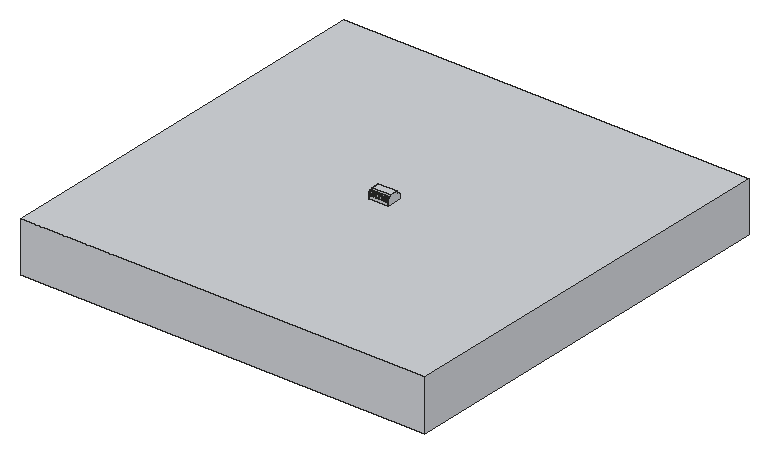
Revit family "Gira_129000", category Elektroinstallationen, Revit 2017
Family settings
  Basisbauteil = Fläche
  Beschriftungsausrichtung beibehalten = Nein
  Bemaßung runder Anschluss = Durchmesser verwenden
  Teiletyp = Normal
  Beim Laden mit Abzugskörper schneiden = Nein
  Gemeinsam genutzt = Nein
  Raumberechnungspunkt = Nein
Parameters (values of type "TKS-TK-Gateway REG Türko")
  Default Elevation = 1219.2 mm
  URL = "https://www.gira.de/"
  Typname = "TKS-TK-Gateway REG Türko"
  Type Comments = ""
  Produktseite = "https://media.live.bim.site/t/eyJhbGciOiJIUzI1NiIsInR5cCI6IkpXVCJ9.eyJjdCI6MiwidHUiOiJodHRwOi8va2F0YWxvZy5naXJhLmRlL2RlX0RFL2RhdGVuYmxhdHQuaHRtbD9hcnRpa2VsbnI9MTI5MDAwIiwiY2lkIjoiZmVkOThlOWEtMWJkOC00YzY4LWE3M2ItNzRhOTRlMzE1ODIzIiwicmlkIjoiZmE4YTNmNDNlNDIzOTBkOTQ4ZGE5NDMzODBiYjVkNzEiLCJwaWQiOiI2NmZmYjQ1ZmRlN2VlNzNkOTRkZWE2Y2YzNGU5YzczZTI1ZDA1YmU0Iiwic2lkIjoiNjM0NzAiLCJ1dCI6MSwibGMiOiJkZSIsImlhdCI6MTYwNjk3ODYyNSwiaXNzIjoiaHR0cHM6Ly9hcGkubGl2ZS5iaW0uc2l0ZSIsInN1YiI6IjhkM2FhNWNiLWUwNjYtNDU5OC1iZTE2LTZlMTZlZTc0OTU2YSJ9.yZLtDulCUa5QdZkYADEU5ggRBwVsl6hBkbbo-AfhEgA"
  Model = ""
  Cost = 0
  Ist Zubehör = no
  Ist System = no
  Installationstechnik = "Bus-System"
  Hersteller = "Gira"
  HeinzeBIM = "https://www.heinze.de/bim/tks-tk-gateway-reg-tuerko/66ffb45fde7ee73d94dea6cf34e9c73e25d05be4"
  HAN = "129000"
  GTIN = "4010337290001"
  Funktion = "steuern/regeln"
  Datenblatt 1 = "https://media.live.bim.site/t/eyJhbGciOiJIUzI1NiIsInR5cCI6IkpXVCJ9.eyJjdCI6MSwidGYiOiJwdWJsaWMvZ2lyYS8xMTljZWFmLzEyOTAwMC50eHQiLCJjaWQiOiJmZWQ5OGU5YS0xYmQ4LTRjNjgtYTczYi03NGE5NGUzMTU4MjMiLCJyaWQiOiJmYThhM2Y0M2U0MjM5MGQ5NDhkYTk0MzM4MGJiNWQ3MSIsInBpZCI6IjY2ZmZiNDVmZGU3ZWU3M2Q5NGRlYTZjZjM0ZTljNzNlMjVkMDViZTQiLCJzaWQiOiI2MzQ3MCIsInV0IjoxLCJsYyI6ImRlIiwiaWF0IjoxNjA2OTc4NjI1LCJpc3MiOiJodHRwczovL2FwaS5saXZlLmJpbS5zaXRlIiwic3ViIjoiOGQzYWE1Y2ItZTA2Ni00NTk4LWJlMTYtNmUxNmVlNzQ5NTZhIn0.5XtV1ERC4oJVr6ZmjJqjC7O8lPi32KISb4cKaf7s0es/129000.txt"
  Datenblatt = "https://media.live.bim.site/t/eyJhbGciOiJIUzI1NiIsInR5cCI6IkpXVCJ9.eyJjdCI6MSwidHUiOiJodHRwczovL2thdGFsb2cuZ2lyYS5kZS9kZV9ERS9kb3dubG9hZC5odG1sP2FydGlrZWxucj0xMjkwMDAiLCJjaWQiOiJmZWQ5OGU5YS0xYmQ4LTRjNjgtYTczYi03NGE5NGUzMTU4MjMiLCJyaWQiOiJmYThhM2Y0M2U0MjM5MGQ5NDhkYTk0MzM4MGJiNWQ3MSIsInBpZCI6IjY2ZmZiNDVmZGU3ZWU3M2Q5NGRlYTZjZjM0ZTljNzNlMjVkMDViZTQiLCJzaWQiOiI2MzQ3MCIsInV0IjoxLCJsYyI6ImRlIiwiaWF0IjoxNjA2OTc4NjI1LCJpc3MiOiJodHRwczovL2FwaS5saXZlLmJpbS5zaXRlIiwic3ViIjoiOGQzYWE1Y2ItZTA2Ni00NTk4LWJlMTYtNmUxNmVlNzQ5NTZhIn0.lGv8DcKyAY7Bkzag18-qNHHj5tztFM9Sklwg9AYzPOs"
  Beschreibung = "TKS-TK-Gateway  REG Merkmale:  TKS-TK-Gateway zur Verbindung des Gira Türkommunikations-Systems mit der vorhandenen Telefonanlage.  Bei einem analogen Telefonanschluss wird das TKS-TK-Gateway einfach zwischen Telefonanschluss und analogem Telefon geschaltet. Telefongespräche können, wie gewohnt, am vorhandenen Telefon geführt werden.  Zusätzlich werden Türrufe vom Gira Türkommunikations-System zum Telefon weitergeleitet, es kann mit der Person an der Haustür gesprochen und der Türöffner über die Telefontastatur aktiviert werden.  Außerdem können Türrufe an einen Anrufbeantworter oder ein Mobiltelefon weitergeleitet werden.  Annahme von Türrufen über das vorhandene Telefon.  Direkter Amtsanschluss, bei Analogbetrieb keine TK-Anlage erforderlich.  Anschlussmöglichkeit an den a b-Anschluss vorhandener TK-Anlagen.  Rufweiterleitung an Lokal-, Festnetz oder Mobiltelefon.  Rufweiterleitung an bis zu 50 programmierte Teilnehmer.  Rufunterscheidung zwischen Amtsanruf und Türruf.  Umschaltmöglichkeit zwischen Tag- und Nachtbetrieb.  Unterstützung der Anklopffunktion bei einem vorhandenen Amtsgespräch und einem eingehenden Türruf.  Konfigurierbar über Tastatur des Telefons (DTMF-fähig) oder das Programmierset.  Ruf und Gesprächsdauer einstellbar.  Mithörsperre.  Betrieb von mehreren TKS-TK-Gateways am Gira Türkommunikationsbus möglich.   Durchführung von Schaltfunktionen über das vorhandene Telefon (DTMF-fähig) in Kombination mit dem Schaltaktor oder dem Unterputz-Schaltaktor.  LED-Statusanzeigen, zur schnellen Analyse, ob Netzspannung anliegt und der Telefonanschluss belegt wurde.  Verpolungssichere Anschlüsse.  Programmierschnittstelle und integrierter Flash-Prozessor zur Aktualisierung der TKS-TK-Gateway Software.  Mit dieser Komponente ist der Aufbau von Türkommunikationsanlagen mit mehr als 30 Teilnehmern möglich. Die Spannungsversorgung des TKS-TK-Gateways erfolgt über:  den 12-V-Ausgang des Steuergeräts Audio.  einen handelsüblichen AC 12 V Klingeltransformator bei Verwendung des Steuergerätes Video).  die Spannungsversorung für Türkommunikation DC 24 V (bei Verwendung des Steuergerätes Video).  Hinweise :  Konfigurationsänderungen über Telefon erfolgen aus Sicherheitsgründen erst nach Eingabe eines 4-stelligen PIN-Codes.  Beim Betrieb mehrerer TKS-TK-Gateways in einer Anlage muss jedes TKS-TK-Gateway über eine eigene Spannungsversorgung verfügen. Die Versorgung mehrerer TKS-TK-Gateways aus einem Steuergerät oder aus einem Klingeltransformator ist nicht zulässig.  Das TKS-TK-Gateway ist für den Einbau in die Unterverteilung vorgesehen. Ist dies nicht möglich, handelsüblichen Aufputzverteiler verwenden."
  Assembly Code = ""
  Keynote = ""
  BIMSITE_PRODUCT_ID = "66ffb45fde7ee73d94dea6cf34e9c73e25d05be4"
  BIM = "https://media.live.bim.site/t/eyJhbGciOiJIUzI1NiIsInR5cCI6IkpXVCJ9.eyJjdCI6MSwidGYiOiJwdWJsaWMvZ2lyYS8xMTljZWFmLzEyOTAgMDBfUkVHIDYucmZhIiwiY2lkIjoiZmVkOThlOWEtMWJkOC00YzY4LWE3M2ItNzRhOTRlMzE1ODIzIiwicmlkIjoiZmE4YTNmNDNlNDIzOTBkOTQ4ZGE5NDMzODBiYjVkNzEiLCJwaWQiOiI2NmZmYjQ1ZmRlN2VlNzNkOTRkZWE2Y2YzNGU5YzczZTI1ZDA1YmU0Iiwic2lkIjoiNjM0NzAiLCJ1dCI6NSwibGMiOiJkZSIsImlhdCI6MTYwNjk3ODYyNSwiaXNzIjoiaHR0cHM6Ly9hcGkubGl2ZS5iaW0uc2l0ZSIsInN1YiI6IjhkM2FhNWNiLWUwNjYtNDU5OC1iZTE2LTZlMTZlZTc0OTU2YSJ9.8IjjdmxpfkVJRjbuFKHPlpem_wgVPPUclGw4lV4p9ME/1290 00_REG 6.rfa"
Reference planes
  plane 1 "Center (Front/Back)": y = 0
  plane 2: z = 0
  plane 3 "Center (Left/Right)": x = 0
Forms (mm)
  Extrusion 1, solid
    sketch origin (0, 0, 0) x (1, 0, 0) y (0, 1, 0)
      loop
        line (-1219.2, 1219.2) -> (-1219.2, -1219.2) -> (1219.2, -1219.2) -> (1219.2, 1219.2) -> (-1219.2, 1219.2)
    from 0 to -304.8
  Extrusion 2, solid, detail levels fine
    sketch origin (0, 0, 0) x (0, 1, 0) y (0, 0, 1)
      loop
        line (23, 49.5) -> (-23, 49.5) -> (-23, 39) -> (-32.824, 39) -> (-43, 28.824) -> (-43, 20) -> (-43, 0) -> (-41, 0) -> (-41, 18.5) -> (-41, 28.798) -> (-32.298, 37.5) -> (-21.5, 37.5) -> (-21.5, 45.5) -> (21.5, 45.5) -> (21.5, 37.5) -> (32.298, 37.5) -> (41, 28.798) -> (41, 0) -> (43, 0) -> (43, 28.824) -> (32.824, 39) -> (23, 39) -> (23, 49.5)
    from -56.45 to 56.45
  Extrusion 3, solid, detail levels fine
    sketch origin (-19.55, 0, 0) x (0, 1, 0) y (0, 0, 1)
      loop
        line (23, 49.5) -> (-23, 49.5) -> (-23, 39) -> (-32.824, 39) -> (-43, 28.824) -> (-43, 20) -> (-43, 0) -> (43, 0) -> (43, 20) -> (43, 28.824) -> (32.824, 39) -> (23, 39) -> (23, 49.5)
    from 76 to 78.5
  Extrusion 4, solid, detail levels fine
    sketch origin (19.55, 0, 0) x (0, 1, 0) y (0, 0, -1)
      loop
        line (23, -49.5) -> (23, -39) -> (32.824, -39) -> (43, -28.824) -> (43, -20) -> (43, 0) -> (-43, 0) -> (-43, -20) -> (-43, -28.824) -> (-32.824, -39) -> (-23, -39) -> (-23, -49.5) -> (23, -49.5)
    from 76 to 78.5
  Extrusion 5, solid, detail levels medium
    sketch origin (0, 0, 0) x (0, 1, 0) y (0, 0, 1)
      loop
        line (23, 49.5) -> (-23, 49.5) -> (-23, 39) -> (-32.824, 39) -> (-43, 28.824) -> (-43, 20) -> (-43, 0) -> (43, 0) -> (43, 20) -> (43, 28.824) -> (32.824, 39) -> (23, 39) -> (23, 49.5)
    from -58.95 to 58.95
  Extrusion 6, solid
    sketch origin (0, 0, 0) x (0, -1, 0) y (0, 0, -1)
      loop
        line (41, -19.398) -> (41, -18.432) -> (26, -18.432) -> (26, -37.5) -> (32.298, -37.5) -> (41, -28.798) -> (41, -19.398)
    from -56.45 to 56.45
  Extrusion 7, void
    sketch origin (0, 0, 0) x (1, 0, 0) y (0, 1, 0)
      loop
        line (-55.81, -43) -> (-47.81, -43) -> (-47.81, -30.501) -> (-55.81, -30.501) -> (-55.81, -43)
      loop
        line (-46.382, -43) -> (-38.382, -43) -> (-38.382, -30.501) -> (-46.382, -30.501) -> (-46.382, -43)
      loop
        line (-36.966, -43) -> (-28.966, -43) -> (-28.966, -30.501) -> (-36.966, -30.501) -> (-36.966, -43)
      loop
        line (-27.519, -43) -> (-19.519, -43) -> (-19.519, -30.501) -> (-27.519, -30.501) -> (-27.519, -43)
      loop
        line (-18.091, -43) -> (-10.091, -43) -> (-10.091, -30.501) -> (-18.091, -30.501) -> (-18.091, -43)
      loop
        line (-8.675, -43) -> (-0.675, -43) -> (-0.675, -30.501) -> (-8.675, -30.501) -> (-8.675, -43)
      loop
        line (55.81, -43) -> (55.81, -30.501) -> (47.81, -30.501) -> (47.81, -43) -> (55.81, -43)
      loop
        line (46.382, -43) -> (46.382, -30.501) -> (38.382, -30.501) -> (38.382, -43) -> (46.382, -43)
      loop
        line (36.966, -43) -> (36.966, -30.501) -> (28.966, -30.501) -> (28.966, -43) -> (36.966, -43)
      loop
        line (27.519, -43) -> (27.519, -30.501) -> (19.519, -30.501) -> (19.519, -43) -> (27.519, -43)
      loop
        line (18.091, -43) -> (18.091, -30.501) -> (10.091, -30.501) -> (10.091, -43) -> (18.091, -43)
      loop
        line (8.675, -43) -> (8.675, -30.501) -> (0.675, -30.501) -> (0.675, -43) -> (8.675, -43)
    from 19.398 to 39
  Extrusion 8, solid, detail levels coarse
    sketch origin (0, 0, 0) x (1, 0, 0) y (0, 1, 0)
      loop
        line (-58.95, -43) -> (58.95, -43) -> (58.95, 43) -> (-58.95, 43) -> (-58.95, -43)
    from 0 to 49.5
Cuts and joins
  Extrusion 7 cuts Extrusion 2
  Extrusion 7 cuts Extrusion 5
  Extrusion 7 cuts Extrusion 6
Dimensions and locks
  aligned and locked: plane 2 to Extrusion 1
  aligned and locked: level to Extrusion 1
